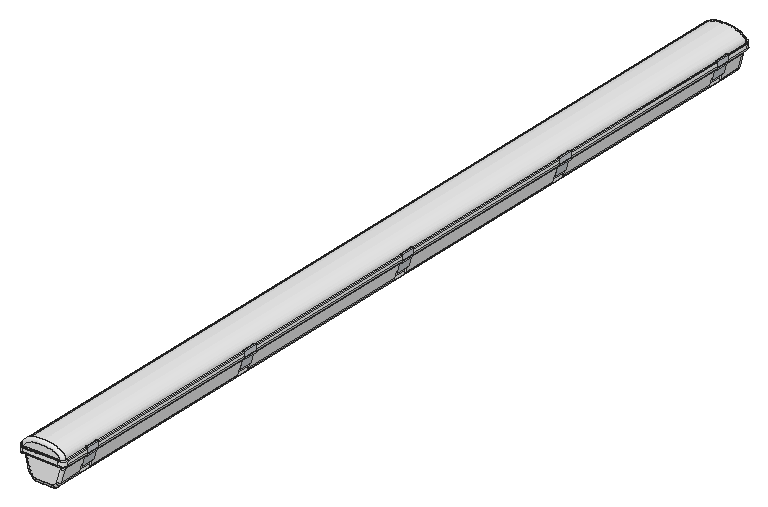
Revit family "0048748 Feilo Sylvania Lighting Fixture SYLPRF SUP LED G3 1500MM S 4K QC", category Lighting Fixtures, host Face, Revit 2017
Family settings
  Host = Face
  Round Connector Dimension = Use Diameter
  Part Type = Normal
  OmniClass Number = 23.80.70.11.14
  OmniClass Title = General Luminaries, Directional
  Cut with Voids When Loaded = Yes
  Light Source = Yes
  Shared = No
  Room Calculation Point = No
Parameters
  Width = 84 mm
  Weight = "2.09 kg"
  Wattage Comments = "n/a"
  Wattage = 31 W
  WarrantyStartDate [instance] = "n/a"
  WarrantyGuarantorParts = "n/a"
  WarrantyDurationUnit = "n/a"
  WarrantyDurationParts = "n/a"
  WarrantyDescription = "n/a"
  built-in parameter 1150110 = 1 (stored number, unit not read)
  Voltage = 230 V
  URL = "http://www.sylvania-lighting.com"
  TypeName = "SYLPRF SUP LED G3 1500MM S 4K QC"
  Type Image = <None>
  Type Comments = "n/a"
  built-in parameter 1114217 = 1 (stored number, unit not read)
  Tilt Angle = -90.00°
  built-in parameter 1150109 = 1 (stored number, unit not read)
  built-in parameter 1150134 = 12
  built-in parameter 1150113 = 1 (stored number, unit not read)
  SerialNumber [instance] = "n/a"
  ReflectorMaterial = none
  PowerFactor = 0
  PowerConsumption = "31 W"
  Photometric Web File = "0048748-C.ies"
  NominalWidth = 0 mm
  NominalLength = 1578 mm
  NominalHeight = 75 mm
  Name = "SYLPRF SUP LED G3 1500MM S 4K QC"
  ModelReference = "SYLPRF SUP LED G3 1500MM S 4K QC"
  ModelNumber = "0048748"
  Model = "SYLPRF SUP LED G3 1500MM S 4K QC"
  Material = "polycarbonate housing, polycarbonate diffuser"
  ManufacturerName = "Feilo Sylvania"
  Manufacturer = "Feilo Sylvania"
  LuminousEfficacy = "155 lm/W"
  built-in parameter 1150105 = 382.37 (stored number, unit not read)
  Lumens = 4805 lm
  LuminaireType = "Weatherproof"
  built-in parameter 1150115 = 1 (stored number, unit not read)
  LightOutputRatio = "n/a"
  built-in parameter 1150137 = (empty or 0)
  built-in parameter 1150139 = (empty or 0)
  Length = 1572 mm
  LampsType = Lamp  # "LED"
  LampNominalLuminous = "4800 lm"
  LampMacAdamStep = "3"
  LampColourTemperature = "4000 K"
  LampColourRenderingIndex = "80"
  built-in parameter 1150112 = 1 (stored number, unit not read)
  built-in parameter 1150114 = 1 (stored number, unit not read)
  Lamp = "LED"
  Keynote = "16500"
  InstallationDate [instance] = "n/a"
  InputVoltage = "220-240V~"
  InputNominalFrequency = "50/60 Hz"
  built-in parameter 1150132 = (empty or 0)
  built-in parameter 1150102 = (empty or 0)
  built-in parameter 1150107 = 4000 (stored number, unit not read)
  built-in parameter 1150138 = (empty or 0)
  IngressProtection = "IP65"
  ImpactProtectionIndex = "IK08"
  built-in parameter 1150106 = 3.8237 (stored number, unit not read)
  IfcExportType = "IfcLightFixtureType"
  IfcExportAs = "IfcLightFixtureType"
  ExpectedLife = 50000
  Emit from Rectangle Width = Width - 20 mm  # 64 mm
  Emit from Rectangle Length = Length - 20 mm  # 1552 mm
  Emit Shape Visible in Rendering = no
  ElectricShockClassification = "Class I"
  built-in parameter 1150104 = 14.4 (stored number, unit not read)
  DurationUnit = "hours"
  DocumentationLiterature = "http://www.sylvania-lighting.com/product/en-int/products/0048748"
  DimmingControlOptions = "Non dimmable"
  Dimming Lamp Color Temperature Shift = <None>
  DiffuserMaterial = Diffuser-Sylvania-Transparent
  Description = ""
  Default Elevation = 1219.2 mm
  CreatedOn = "11/9/2017"
  CreatedBy = ""
  Cost = 0
  Color Filter = 16777215
  built-in parameter 1114216 [instance] = (empty or 0)
  ClassificationValue = "EF_70_80"
  ClassificationName = "Uniclass2015"
  BodyMaterial = Body-Sylvania-Gray
  BarCode [instance] = "n/a"
  built-in parameter 1114218 = 1 (stored number, unit not read)
  built-in parameter 1150133 = 10 (stored number, unit not read)
  AssetType = "Fixed"
  AssetIdentifier [instance] = "n/a"
  Assembly Code = "D5020200"
  Apparent Load = 31 VA
  AccessoryMaterial = Diffuser-Sylvania-Glow
Reference planes
  plane 1 "Center (Front/Back)": y = 0
  plane 2: z = 0
  plane 3 "Center (Left/Right)": x = 0
  plane 4: z = 54
  plane 5: x = -14.7
  plane 6: x = -21.8
  plane 7: x = -26.6
  plane 8: x = -29.2
  plane 9: z = 3
  plane 10: z = 7.8
  plane 11: z = 12.3
  plane 12: z = 36.6
  plane 13: z = 42.8
  plane 14: x = -38.1
  plane 15: z = 46.2
  plane 16: x = -42
  plane 17: y = 786
  plane 18: y = -786
  plane 19: x = 14.7
  plane 20: x = 21.8
  plane 21: x = 26.6
  plane 22: x = 29.2
  plane 23: x = 38.1
  plane 24: x = 42
  plane 25: y = 778.4
  plane 26: y = -778.4
  plane 27: y = -774.7
  plane 28: y = 774.7
  plane 29: z = 74
  plane 30: x = -38.5
  plane 31: x = 38.5
  plane 32: z = 55.2
  plane 33: y = -782.5
  plane 34: y = 782.5
  plane 35: x = -24.5
  plane 36: x = 24.5
  plane 37: x = -35.7
  plane 38: x = 35.7
  plane 39: z = 50.2
  plane 40: z = 24.6
  plane 41: y = -720
  plane 42: y = -734
  plane 43: y = -706
  plane 44: y = 720
  plane 45: y = -720
  plane 46: y = -734
  plane 47: y = -706
  plane 48: y = 720
  plane 49: y = 706
  plane 50: y = 734
  plane 51: y = -360
  plane 52: y = -374
  plane 53: y = -346
  plane 54: y = 0
  plane 55: y = -14
  plane 56: y = 14
  plane 57: y = 360
  plane 58: y = 346
  plane 59: y = 374
Forms (mm)
  Sweep 1, solid, material "Body-Sylvania-Gray" <- "BodyMaterial", detail levels medium+fine
    path origin (1223.4, -4572, 54) x (0, -1, 0) y (1, 0, 0)
      loop
        arc (-3796, -1265.4) -> (-3788.929, -1262.471) -> (-3786, -1255.4) r 10
        line (-3786, -1255.4) -> (-3786, -1191.4)
        arc (-3786, -1191.4) -> (-3788.929, -1184.329) -> (-3796, -1181.4) r 10
        line (-3796, -1181.4) -> (-5348, -1181.4)
        arc (-5348, -1181.4) -> (-5355.071, -1184.329) -> (-5358, -1191.4) r 10
        line (-5358, -1191.4) -> (-5358, -1255.4)
        arc (-5358, -1255.4) -> (-5355.071, -1262.471) -> (-5348, -1265.4) r 10
        line (-5348, -1265.4) -> (-3796, -1265.4)
    profile origin (-42, 0, 54) x (-1, 0, 0) y (0, 0, 1)
      loop
        line (0, 0) -> (-1, 0) -> (-1, -7.726)
        arc (-1, -7.726) -> (-1.994, -9.498) -> (-3.9, -10.2) r 2.937
        line (-3.9, -10.2) -> (-8.571, -10.2) -> (-8.571, -11.2) -> (-3.9, -11.2)
        arc (-3.9, -11.2) -> (-1.313, -10.231) -> (0, -7.8) r 3.937
        line (0, -7.8) -> (0, 0)
  Sweep 2, solid, material "Body-Sylvania-Gray" <- "BodyMaterial", detail levels medium+fine
    path origin (0, 0, 0) x (1, 0, 0) y (0, 0, 1)
      loop
        line (35.7, 42.8) -> (35.7, 36.6) -> (29.203, 12.31)
        arc (29.203, 12.31) -> (28.199, 9.884) -> (26.6, 7.8) r 10.052
        line (26.6, 7.8) -> (21.8, 3)
        arc (21.8, 3) -> (18.554, 0.781) -> (14.7, 0) r 9.902
        line (14.7, 0) -> (0, 0) -> (-14.7, 0)
        arc (-14.7, 0) -> (-18.554, 0.781) -> (-21.8, 3) r 9.902
        line (-21.8, 3) -> (-26.6, 7.8)
        arc (-26.6, 7.8) -> (-28.199, 9.884) -> (-29.203, 12.31) r 10.052
        line (-29.203, 12.31) -> (-35.7, 36.6) -> (-35.7, 42.8)
    profile origin (0, 0, 0) x (0, 0, -1) y (0, -1, 0)
      loop
        arc (0, 773.4) -> (-1.464, 776.936) -> (-5, 778.4) r 5
        line (-5, 778.4) -> (-7.8, 778.4) -> (-7.8, -778.4) -> (-5, -778.4)
        arc (-5, -778.4) -> (-1.464, -776.936) -> (0, -773.4) r 5
        line (0, -773.4) -> (0, 773.4)
  Extrusion 3, solid, material "Body-Sylvania-Gray" <- "BodyMaterial", detail levels medium+fine
    sketch origin (1524, 778.4, 1219.2) x (1, 0, 0) y (0, 0, 1)
      loop
        arc (-1545.668, -1204.874) -> (-1545.443, -1205.418) -> (-1545.085, -1205.885) r 2.252
        line (-1545.085, -1205.885) -> (-1540.231, -1210.738)
        arc (-1540.231, -1210.738) -> (-1539.534, -1211.227) -> (-1538.7, -1211.4) r 2.102
        line (-1538.7, -1211.4) -> (-1509.3, -1211.4)
        arc (-1509.3, -1211.4) -> (-1508.466, -1211.227) -> (-1507.769, -1210.738) r 2.102
        line (-1507.769, -1210.738) -> (-1502.915, -1205.885)
        arc (-1502.915, -1205.885) -> (-1502.557, -1205.418) -> (-1502.332, -1204.874) r 2.252
        line (-1502.332, -1204.874) -> (-1496.1, -1181.575) -> (-1496.1, -1176.4) -> (-1551.9, -1176.4) -> (-1551.9, -1181.575) -> (-1545.668, -1204.874)
    from 0 to 1556.8
  Sweep 4, solid, material "Diffuser-Sylvania-Transparent" <- "DiffuserMaterial", detail levels medium+fine
    path origin (0, 0, 0) x (1, 0, 0) y (0, 0, 1)
      loop
        spline (-38.5, 55.2) -> (-37.188, 60.066) -> (-33.342, 64.6) -> (-27.224, 68.494) -> (-19.25, 71.481) -> (-9.965, 73.359) -> (0, 74) -> (9.965, 73.359) -> (19.25, 71.481) -> (27.224, 68.494) -> (33.342, 64.6) -> (37.188, 60.066) -> (38.5, 55.2)
    profile origin (38.5, 0, 55.2) x (0, -1, 0) y (1, 0, 0)
      loop
        arc (782.5, -5.5) -> (780.889, -1.611) -> (777, 0) r 5.5
        line (777, 0) -> (-777, 0)
        arc (-777, 0) -> (-780.889, -1.611) -> (-782.5, -5.5) r 5.5
        line (-782.5, -5.5) -> (-782.5, -6.3) -> (-781.5, -6.3) -> (-781.5, -5.5)
        arc (-781.5, -5.5) -> (-780.182, -2.318) -> (-777, -1) r 4.5
        line (-777, -1) -> (777, -1)
        arc (777, -1) -> (780.182, -2.318) -> (781.5, -5.5) r 4.5
        line (781.5, -5.5) -> (781.5, -6.347) -> (782.5, -6.347) -> (782.5, -5.5)
  Extrusion 5, solid, material "Diffuser-Sylvania-Transparent" <- "DiffuserMaterial", detail levels medium+fine
    sketch origin (1524, -782.5, 1219.2) x (1, 0, 0) y (0, 0, 1)
      loop
        line (-1556.653, -1164) -> (-1491.347, -1164)
        spline (-1491.347, -1164) -> (-1491.939, -1161.945) -> (-1494.434, -1159.066) -> (-1499.342, -1155.96) -> (-1506.338, -1153.35) -> (-1514.799, -1151.648) -> (-1524, -1151.047) -> (-1533.201, -1151.648) -> (-1541.662, -1153.35) -> (-1548.658, -1155.96) -> (-1553.566, -1159.066) -> (-1556.061, -1161.945) -> (-1556.653, -1164)
    from 0 to -1
  Extrusion 6, solid, material "Diffuser-Sylvania-Transparent" <- "DiffuserMaterial", detail levels medium+fine
    sketch origin (1524, 782.5, 1219.2) x (1, 0, 0) y (0, 0, 1)
      loop
        spline (-1491.3, -1164) -> (-1491.898, -1161.922) -> (-1494.404, -1159.03) -> (-1499.322, -1155.918) -> (-1506.325, -1153.305) -> (-1514.793, -1151.602) -> (-1524, -1151) -> (-1533.207, -1151.602) -> (-1541.675, -1153.305) -> (-1548.678, -1155.918) -> (-1553.596, -1159.03) -> (-1556.102, -1161.922) -> (-1556.7, -1164)
        line (-1556.7, -1164) -> (-1491.3, -1164)
    from 0 to 1
  Extrusion 7, solid, material "Diffuser-Sylvania-Glow" <- "AccessoryMaterial", detail levels fine
    sketch origin (0, 0, 0) x (1, 0, 0) y (0, 0, 1)
      loop
        circle (0, 50.2) r 8
    from -774.7 to 774.7
  Extrusion 8, void
    sketch origin (0, -720, 2343.807) x (0, 0, -1) y (-1, 0, 0)
      loop
        line (2340.807, -24.5) -> (2331.507, -24.5) -> (2319.207, -29.2) -> (2319.207, -35.7) -> (2340.807, -35.7) -> (2340.807, -24.5)
      loop
        line (2340.807, 24.5) -> (2340.807, 35.7) -> (2319.207, 35.7) -> (2319.207, 29.2) -> (2331.507, 24.5) -> (2340.807, 24.5)
    from 14 to -14
  Extrusion 9, void, not visible
    sketch origin (0, -720, 2343.807) x (0, 0, -1) y (-1, 0, 0)
      loop
        line (2340.807, -24.5) -> (2331.507, -24.5) -> (2319.207, -29.2) -> (2319.207, -35.7) -> (2340.807, -35.7) -> (2340.807, -24.5)
      loop
        line (2340.807, 24.5) -> (2340.807, 35.7) -> (2319.207, 35.7) -> (2319.207, 29.2) -> (2331.507, 24.5) -> (2340.807, 24.5)
    from 14 to -14
  Extrusion 10, void
    sketch origin (0, 720, 2343.807) x (0, 0, -1) y (-1, 0, 0)
      loop
        line (2340.807, -24.5) -> (2331.507, -24.5) -> (2319.207, -29.2) -> (2319.207, -35.7) -> (2340.807, -35.7) -> (2340.807, -24.5)
      loop
        line (2340.807, 24.5) -> (2340.807, 35.7) -> (2319.207, 35.7) -> (2319.207, 29.2) -> (2331.507, 24.5) -> (2340.807, 24.5)
    from 14 to -14
  Extrusion 11, void
    sketch origin (0, -360, 2343.807) x (0, 0, -1) y (-1, 0, 0)
      loop
        line (2340.807, -24.5) -> (2331.507, -24.5) -> (2319.207, -29.2) -> (2319.207, -35.7) -> (2340.807, -35.7) -> (2340.807, -24.5)
      loop
        line (2340.807, 24.5) -> (2340.807, 35.7) -> (2319.207, 35.7) -> (2319.207, 29.2) -> (2331.507, 24.5) -> (2340.807, 24.5)
    from 14 to -14
  Extrusion 12, void
    sketch origin (0, 0, 2343.807) x (0, 0, -1) y (-1, 0, 0)
      loop
        line (2340.807, -24.5) -> (2331.507, -24.5) -> (2319.207, -29.2) -> (2319.207, -35.7) -> (2340.807, -35.7) -> (2340.807, -24.5)
      loop
        line (2340.807, 24.5) -> (2340.807, 35.7) -> (2319.207, 35.7) -> (2319.207, 29.2) -> (2331.507, 24.5) -> (2340.807, 24.5)
    from 14 to -14
  Extrusion 13, void
    sketch origin (0, 360, 2343.807) x (0, 0, -1) y (-1, 0, 0)
      loop
        line (2340.807, -24.5) -> (2331.507, -24.5) -> (2319.207, -29.2) -> (2319.207, -35.7) -> (2340.807, -35.7) -> (2340.807, -24.5)
      loop
        line (2340.807, 24.5) -> (2340.807, 35.7) -> (2319.207, 35.7) -> (2319.207, 29.2) -> (2331.507, 24.5) -> (2340.807, 24.5)
    from 14 to -14
  Extrusion 14, solid, material "Diffuser-Sylvania-Transparent" <- "DiffuserMaterial", detail levels medium+fine
    sketch origin (1223.4, -4572, 54) x (0, -1, 0) y (-1, 0, 0)
      loop
        arc (-5348, 1265.4) -> (-5355.071, 1262.471) -> (-5358, 1255.4) r 10
        line (-5358, 1255.4) -> (-5358, 1191.4)
        arc (-5358, 1191.4) -> (-5355.071, 1184.329) -> (-5348, 1181.4) r 10
        line (-5348, 1181.4) -> (-3796, 1181.4)
        arc (-3796, 1181.4) -> (-3788.929, 1184.329) -> (-3786, 1191.4) r 10
        line (-3786, 1191.4) -> (-3786, 1255.4)
        arc (-3786, 1255.4) -> (-3788.929, 1262.471) -> (-3796, 1265.4) r 10
        line (-3796, 1265.4) -> (-5348, 1265.4)
      loop
        arc (-5354.5, 1190.394) -> (-5352.887, 1186.509) -> (-5349, 1184.9) r 5.5
        line (-5349, 1184.9) -> (-3795, 1184.9)
        arc (-3795, 1184.9) -> (-3791.113, 1186.509) -> (-3789.5, 1190.394) r 5.5
        line (-3789.5, 1190.394) -> (-3789.5, 1256.406)
        arc (-3789.5, 1256.406) -> (-3791.113, 1260.291) -> (-3795, 1261.9) r 5.5
        line (-3795, 1261.9) -> (-5349, 1261.9)
        arc (-5349, 1261.9) -> (-5352.887, 1260.291) -> (-5354.5, 1256.406) r 5.5
        line (-5354.5, 1256.406) -> (-5354.5, 1190.394)
    from 0 to -1.2
  Extrusion 15, solid, material "Body-Sylvania-Gray" <- "BodyMaterial", detail levels coarse
    sketch origin (0, 0, 0) x (1, 0, 0) y (0, 0, 1)
      loop
        line (-42, 55.2) -> (-42, 42.8) -> (-26.6, 0) -> (26.6, 0) -> (42, 42.8) -> (42, 55.2) -> (-42, 55.2)
    from -786 to 786
  Extrusion 16, solid, material "Diffuser-Sylvania-Transparent" <- "DiffuserMaterial", detail levels coarse
    sketch origin (0, 0, 0) x (1, 0, 0) y (0, 0, 1)
      loop
        line (-38.5, 55.2) -> (38.5, 55.2)
        arc (38.5, 55.2) -> (0, 74) -> (-38.5, 55.2) r 48.822
    from -778.4 to 778.4
Cuts and joins
  Extrusion 8, Extrusion 10, Extrusion 11, Extrusion 12, Extrusion 13 cuts Sweep 2
  Extrusion 8, Extrusion 10, Extrusion 11, Extrusion 12, Extrusion 13 cuts Extrusion 3
  joined: Sweep 2, Extrusion 3
  joined: Sweep 4, Extrusion 5, Extrusion 6, Extrusion 14
Dimensions and locks
  locked: plane 4 to plane 2 at 54
  plane 5 to plane 6 to plane 7 to plane 8 to plane 14 to plane 16 = 7.1 mm locked, 4.8 mm locked, 2.6 mm locked, 8.9 mm locked, 3.9 mm locked
  plane 4 to plane 15 to plane 13 to plane 12 to plane 11 to plane 10 to plane 9 = 7.8 mm locked, 3.4 mm, 6.2 mm locked, 24.3 mm locked, 4.5 mm locked, 4.8 mm locked
  equal spacing: plane 18, plane 1 "Center (Front/Back)", plane 17
  "Length": plane 18 to plane 17
  plane 19 to plane 20 to plane 21 to plane 22 to plane 23 to plane 24 = 7.1 mm locked, 4.8 mm locked, 2.6 mm locked, 8.9 mm, 3.9 mm
  equal spacing: plane 24, plane 3 "Center (Left/Right)", plane 16
  "Width": plane 24 to plane 16
  equal spacing: plane 27, plane 1 "Center (Front/Back)", plane 28
  locked: plane 26 to plane 27 at 3.7
  locked: Sweep 1 sketch curve to profile plane at 1
  locked: Sweep 1 sketch curve to plane 13 at 1
  locked: Sweep 1 sketch curve to plane 13 at 3.937  (x2)
  locked: Sweep 1 sketch curve to profile plane at 3.9  (x2)
  plane 29 to plane 4 = 20 mm
  equal spacing: plane 31, plane 3 "Center (Left/Right)", plane 30
  locked: plane 30 to plane 16 at 3.5
  locked: plane 32 to plane 4 at 1.2
  equal spacing: plane 33, plane 1 "Center (Front/Back)", plane 34
  equal spacing: plane 36, plane 3 "Center (Left/Right)", plane 35
  locked: plane 34 to plane 17 at 3.5
  equal spacing: plane 38, plane 3 "Center (Left/Right)", plane 37
  locked: plane 37 to plane 16 at 6.3
  equal spacing: plane 25, plane 1 "Center (Front/Back)", plane 26
  locked: plane 17 to plane 25 at 7.6
  locked: Sweep 2 sketch curve to plane 2 at 5  (x2)
  locked: Sweep 2 sketch curve to plane 26 at 5
  locked: plane 25 to Sweep 2 sketch curve at 5
  locked: Sweep 4 sketch curve to plane 31 at 5.5  (x2)
  locked: Sweep 4 sketch curve to plane 34 at 5.5
  plane 33 to Sweep 4 sketch curve = 5.5 mm
  locked: plane 34 to Sweep 4 sketch curve at 1
  locked: Sweep 4 sketch curve to plane 31 at 1
  locked: Sweep 4 sketch curve to Sweep 4 sketch curve at 1
  locked: Sweep 4 sketch curve to plane 31 at 6.347
  locked: Sweep 4 sketch curve to plane 31 at 6.3
  locked: plane 40 to plane 2 at 24.6
  locked: plane 6 to plane 35 at 2.7
  locked: plane 1 "Center (Front/Back)" to plane 41 at 720
  plane 43 to plane 41 to plane 42 = 14 mm locked, 14 mm locked
  locked: plane 44 to plane 1 "Center (Front/Back)" at 720
  plane 47 to plane 45 to plane 46 = 14 mm locked, 14 mm locked
  plane 50 to plane 48 to plane 49 = 14 mm locked, 14 mm locked  (x2)
  equal spacing: group 1, group 6, group 7, group 8, group 5  (x3)
  plane 53 to plane 51 to plane 52 = 14 mm locked, 14 mm locked  (x2)
  plane 56 to plane 54 to plane 55 = 14 mm locked, 14 mm locked  (x2)
  plane 59 to plane 57 to plane 58 = 14 mm locked, 14 mm locked  (x2)
  plane 48 to plane 57 to plane 1 "Center (Front/Back)" to plane 51 to plane 41 = 360 mm locked, 360 mm locked, 360 mm locked, 360 mm locked
  aligned and locked: plane 2 to host face
  aligned and locked: level to host face
  aligned and locked: plane 16 to Sweep 1 sketch curve
  aligned and locked: Sweep 1 sketch curve to plane 24
  aligned and locked: plane 18 to Sweep 1 sketch curve
  aligned and locked: Sweep 1 sketch curve to plane 13
  aligned and locked: profile plane to Sweep 1 sketch curve
  aligned and locked: plane 3 "Center (Left/Right)" to Sweep 2 sketch curve
  aligned and locked: plane 9 to Sweep 2 sketch curve
  aligned and locked: plane 10 to Sweep 2 sketch curve
  aligned and locked: plane 37 to Sweep 2 sketch curve
  aligned and locked: plane 12 to Sweep 2 sketch curve
  aligned and locked: Sweep 2 sketch curve to level
  aligned and locked: plane 21 to Sweep 2 sketch curve
  aligned and locked: plane 38 to Sweep 2 sketch curve
  aligned and locked: profile plane to Sweep 2 sketch curve
  aligned and locked: plane 25 to Sweep 2 sketch curve
  aligned and locked: Sweep 2 sketch curve to plane 10
  aligned and locked: Extrusion 3 sketch curve to Sweep 2  (x7)
  aligned and locked: Sweep 2 to Extrusion 3 sketch curve
  aligned and locked: Extrusion 3 to plane 25
  aligned and locked: plane 26 to Extrusion 3
  aligned and locked: plane 32 to Sweep 4 sketch curve
  aligned and locked: plane 33 to Sweep 4 sketch curve
  aligned and locked: Sweep 4 to Extrusion 5
  aligned and locked: plane 33 to Extrusion 5
  aligned and locked: plane 39 to Extrusion 7 sketch curve
  aligned and locked: plane 27 to Extrusion 7
  aligned and locked: Extrusion 7 to plane 28
  aligned and locked: Extrusion 6 sketch curve to Sweep 4
  aligned and locked: Extrusion 5 sketch curve to Sweep 4
  aligned and locked: Extrusion 8 to plane 43
  aligned and locked: plane 42 to Extrusion 8
  aligned and locked: Extrusion 10 to plane 50
  aligned and locked: plane 49 to Extrusion 10
  aligned and locked: Extrusion 11 to plane 53
  aligned and locked: plane 52 to Extrusion 11
  aligned and locked: Extrusion 12 to plane 56
  aligned and locked: plane 55 to Extrusion 12
  aligned and locked: Extrusion 13 to plane 59
  aligned and locked: plane 58 to Extrusion 13
  aligned and locked: plane 3 "Center (Left/Right)" to Extrusion 7 sketch curve
  aligned and locked: Extrusion 14 sketch curve to Sweep 1  (x4)
  aligned and locked: Extrusion 14 to plane 32
  aligned and locked: plane 4 to Extrusion 14
  aligned and locked: plane 48 to nested 1
  aligned and locked: plane 57 to nested 2
  aligned and locked: plane 54 to nested 3
  aligned and locked: nested 4 to plane 51
  aligned and locked: nested 5 to plane 41
  aligned and locked: plane 41 to nested 10
  aligned and locked: plane 51 to nested 9
  aligned and locked: plane 54 to nested 8
  aligned and locked: plane 57 to nested 7
  aligned and locked: plane 48 to nested 6
  aligned and locked: plane 1 "Center (Front/Back)" to imposter light
  aligned and locked: plane 3 "Center (Left/Right)" to imposter light
  aligned and locked: imposter light to plane 29
  aligned and locked: plane 7 to Extrusion 15 sketch curve
  aligned and locked: plane 2 to Extrusion 15 sketch curve
  aligned and locked: Extrusion 15 sketch curve to nested 6
  aligned and locked: Extrusion 15 sketch curve to nested 1
  aligned and locked: plane 18 to Extrusion 15
  aligned and locked: Extrusion 15 to plane 17
  aligned and locked: Extrusion 15 to Sweep 1  (x2)
  aligned and locked: plane 30 to Extrusion 16 sketch curve
  aligned and locked: plane 31 to Extrusion 16 sketch curve
  aligned and locked: Extrusion 16 sketch curve to cut or joined group of Sweep 4, Extrusion 5, Extrusion 6, Extrusion 14
  aligned and locked: Extrusion 16 to plane 25
  aligned and locked: plane 26 to Extrusion 16
Automatic sketch dimensions
  host sketch curve to host sketch curve = 2438.4 mm  (x2)
  plane 17 to Sweep 1 sketch curve = 0 mm
  Sweep 1 sketch curve to plane 28 = 1.3 mm
  Sweep 1 sketch curve to plane 7 = 5.4 mm
  plane 27 to Sweep 1 sketch curve = 1.3 mm  (x2)
  Sweep 1 sketch curve to Sweep 1 sketch curve = 4.671 mm
  Sweep 1 sketch curve to plane 4 = 0 mm
  Sweep 2 sketch curve to plane 7 = 0 mm
  Sweep 2 sketch curve to plane 6 = 0 mm
  Sweep 2 sketch curve to plane 5 = 0 mm
  plane 19 to Sweep 2 sketch curve = 0 mm
  Sweep 2 sketch curve to plane 9 = 0 mm
  plane 20 to Sweep 2 sketch curve = 0 mm
  Sweep 2 sketch curve to plane 12 = 0 mm
  Sweep 2 sketch curve to plane 10 = 0 mm
  Sweep 2 sketch curve to plane 13 = 0 mm  (x2)
  Sweep 2 sketch curve to plane 8 = 0.003 mm
  plane 6 to Sweep 2 sketch curve = 2.308 mm
  plane 20 to Sweep 2 sketch curve = 2.308 mm
  Sweep 2 sketch curve to plane 22 = 0.003 mm
  Sweep 2 sketch curve to plane 11 = 0.01 mm  (x2)
  Extrusion 3 sketch curve to plane 5 = 0 mm
  plane 19 to Extrusion 3 sketch curve = 0 mm
  plane 6 to Extrusion 3 sketch curve = 0.132 mm
  plane 6 to Extrusion 3 sketch curve = 0.715 mm
  Extrusion 3 sketch curve to Extrusion 3 sketch curve = 1.592 mm
  Extrusion 3 sketch curve to plane 10 = 0.662 mm  (x2)
  plane 20 to Extrusion 3 sketch curve = 2.308 mm
  plane 20 to Extrusion 3 sketch curve = 0.715 mm
  plane 20 to Extrusion 3 sketch curve = 0.132 mm
  Sweep 4 sketch curve to plane 30 = 0 mm
  Sweep 4 sketch curve to plane 3 "Center (Left/Right)" = 0 mm
  Sweep 4 sketch curve to Sweep 4 sketch curve = 0 mm  (x2)
  plane 37 to Extrusion 6 sketch curve = 3 mm
  Extrusion 6 sketch curve to plane 38 = 3 mm
  plane 37 to Extrusion 5 sketch curve = 3.047 mm
  Extrusion 5 sketch curve to plane 38 = 3.047 mm
  Extrusion 8 sketch curve to Extrusion 8 sketch curve = 0 mm
  Extrusion 8 sketch curve to Extrusion 8 sketch curve = 12.3 mm  (x2)
  Extrusion 8 sketch curve to Extrusion 8 sketch curve = 9.3 mm  (x2)
  Extrusion 8 sketch curve to Extrusion 8 sketch curve = 6.5 mm  (x2)
  Extrusion 8 sketch curve to Extrusion 8 sketch curve = 4.7 mm  (x2)
  Extrusion 8 sketch curve to Extrusion 8 sketch curve = 49 mm
  Extrusion 9 sketch curve to Extrusion 9 sketch curve = 0 mm
  Extrusion 9 sketch curve to Extrusion 9 sketch curve = 12.3 mm  (x2)
  Extrusion 9 sketch curve to Extrusion 9 sketch curve = 9.3 mm  (x2)
  Extrusion 9 sketch curve to Extrusion 9 sketch curve = 6.5 mm  (x2)
  Extrusion 9 sketch curve to Extrusion 9 sketch curve = 4.7 mm  (x2)
  Extrusion 9 sketch curve to Extrusion 9 sketch curve = 49 mm
  Extrusion 10 sketch curve to Extrusion 10 sketch curve = 0 mm
  Extrusion 10 sketch curve to Extrusion 10 sketch curve = 12.3 mm  (x2)
  Extrusion 10 sketch curve to Extrusion 10 sketch curve = 9.3 mm  (x2)
  Extrusion 10 sketch curve to Extrusion 10 sketch curve = 6.5 mm  (x2)
  Extrusion 10 sketch curve to Extrusion 10 sketch curve = 4.7 mm  (x2)
  Extrusion 10 sketch curve to Extrusion 10 sketch curve = 49 mm
  Extrusion 11 sketch curve to Extrusion 11 sketch curve = 0 mm
  Extrusion 11 sketch curve to Extrusion 11 sketch curve = 12.3 mm  (x2)
  Extrusion 11 sketch curve to Extrusion 11 sketch curve = 9.3 mm  (x2)
  Extrusion 11 sketch curve to Extrusion 11 sketch curve = 6.5 mm  (x2)
  Extrusion 11 sketch curve to Extrusion 11 sketch curve = 4.7 mm  (x2)
  Extrusion 11 sketch curve to Extrusion 11 sketch curve = 49 mm
  Extrusion 12 sketch curve to Extrusion 12 sketch curve = 0 mm
  Extrusion 12 sketch curve to Extrusion 12 sketch curve = 12.3 mm  (x2)
  Extrusion 12 sketch curve to Extrusion 12 sketch curve = 9.3 mm  (x2)
  Extrusion 12 sketch curve to Extrusion 12 sketch curve = 6.5 mm  (x2)
  Extrusion 12 sketch curve to Extrusion 12 sketch curve = 4.7 mm  (x2)
  Extrusion 12 sketch curve to Extrusion 12 sketch curve = 49 mm
  Extrusion 13 sketch curve to Extrusion 13 sketch curve = 0 mm
  Extrusion 13 sketch curve to Extrusion 13 sketch curve = 12.3 mm  (x2)
  Extrusion 13 sketch curve to Extrusion 13 sketch curve = 9.3 mm  (x2)
  Extrusion 13 sketch curve to Extrusion 13 sketch curve = 6.5 mm  (x2)
  Extrusion 13 sketch curve to Extrusion 13 sketch curve = 4.7 mm  (x2)
  Extrusion 13 sketch curve to Extrusion 13 sketch curve = 49 mm
  Extrusion 14 sketch curve to plane 34 = 0 mm
  plane 30 to Extrusion 14 sketch curve = 0 mm
  Extrusion 14 sketch curve to plane 31 = 0 mm
  plane 33 to Extrusion 14 sketch curve = 0 mm
  plane 25 to Extrusion 14 sketch curve = 1.4 mm  (x4)
  Extrusion 14 sketch curve to plane 26 = 1.4 mm  (x4)
  plane 37 to Extrusion 14 sketch curve = 2.694 mm  (x2)
  Extrusion 14 sketch curve to plane 38 = 2.694 mm  (x2)
  plane 21 to Extrusion 15 sketch curve = 0 mm
  Extrusion 15 sketch curve to plane 13 = 0 mm  (x2)
  Extrusion 15 sketch curve to plane 32 = 0 mm
  Extrusion 16 sketch curve to plane 40 = 0.578 mm
  radius of Extrusion 7 sketch curve = 8 mm
Nested families
  nested 1: "Clip" at (-29.2, 720, 24.6) x (-1, 0, 0) z (0, 0, 1), type "Clip", detail levels fine
  nested 2: "Clip" at (-29.2, 360, 24.6) x (-1, 0, 0) z (0, 0, 1), type "Clip", detail levels fine
  nested 3: "Clip" at (-29.2, 0, 24.6) x (-1, 0, 0) z (0, 0, 1), type "Clip", detail levels fine
  nested 4: "Clip" at (-29.2, -360, 24.6) x (-1, 0, 0) z (0, 0, 1), type "Clip", detail levels fine
  nested 5: "Clip" at (-29.2, -720, 24.6) x (-1, 0, 0) z (0, 0, 1), type "Clip", detail levels fine
  nested 6: "Clip" at (29.2, 720, 24.6), type "Clip", detail levels fine
  nested 7: "Clip" at (29.2, 360, 24.6), type "Clip", detail levels fine
  nested 8: "Clip" at (29.2, 0, 24.6), type "Clip", detail levels fine
  nested 9: "Clip" at (29.2, -360, 24.6), type "Clip", detail levels fine
  nested 10: "Clip" at (29.2, -720, 24.6), type "Clip", detail levels fine
Connectors
  electrical at (0, 0, 0), driven by "Apparent Load"
    settings: index 1, voltage 230 V, apparent load 31 VA, apparent load phase1 0 VA, apparent load phase2 0 VA, apparent load phase3 0 VA, power factor 0, load classification "Lighting", number of poles 1, system type 30, power factor state 1, is connector primary yes, connector utility no, sub classification motor no, connector description ""
Definition of nested family "Clip"
  Parameters (values of type "Clip")
    URL = "http://www.feilosylvania.com"
    Type Comments = "n/a"
    Model = "n/a"
    Manufacturer = "Feilo Sylvania"
    Keynote = "n/a"
    Description = "n/a"
    Default Elevation = 1219.2 mm
    Cost = 0
    BodyMaterial = none
    Assembly Code = "n/a"
  Reference planes
    plane 1 "Center (Front/Back)": y = 0
    plane 2: z = 0
    plane 3 "Center (Left/Right)": x = 0
    plane 4: x = 3.3
    plane 5: x = 6.5
    plane 6: x = 8.9
    plane 7: x = 12.8
    plane 8: z = 12
    plane 9: z = 18.2
    plane 10: z = 21.6
    plane 11: z = 30.6
    plane 12: x = 9.3
    plane 13: z = 19.2
    plane 14: z = 16.2
    plane 15: x = 10.1
    plane 16: y = 12
    plane 17: y = -12
  Forms (mm)
    Extrusion 1, solid
      sketch origin (-0.8, 0, 0) x (1, 0, 0) y (0, 1, 0)
        loop
          line (-1219.2, 1219.2) -> (-1219.2, -1219.2) -> (1219.2, -1219.2) -> (1219.2, 1219.2) -> (-1219.2, 1219.2)
      from 0 to -304.8
    Extrusion 2, solid
      sketch origin (0, 0, 0) x (1, 0, 0) y (0, 0, 1)
        loop
          line (8.9, 16.2) -> (4.58, 0) -> (0, 0) -> (0, -0.8) -> (5.195, -0.8) -> (9.603, 15.731) -> (13.6, 18.806) -> (13.6, 30.6)
          arc (13.6, 30.6) -> (11.45, 32.75) -> (9.3, 30.6) r 2.15
          line (9.3, 30.6) -> (10.1, 30.6)
          arc (10.1, 30.6) -> (11.45, 31.95) -> (12.8, 30.6) r 1.35
          line (12.8, 30.6) -> (12.8, 19.2) -> (8.9, 16.2)
      from -12 to 12
  Lines and regions (mm)
    reference lines
      curve 1: line (3.3, 0, 0) -> (6.5, 0, 12)
      curve 2: arc (8.9, 0, 18.2) -> (11.488, 0, 19.169) -> (12.8, 0, 21.6) r 3.934
  Dimensions and locks
    plane 7 to plane 6 to plane 5 to plane 4 to plane 3 "Center (Left/Right)" = 3.9 mm locked, 2.4 mm locked, 3.2 mm locked, 3.3 mm locked
    plane 11 to plane 10 to plane 9 to plane 8 to plane 2 = 9 mm locked, 3.4 mm locked, 6.2 mm locked, 12 mm locked
    locked: plane 7 to plane 12 at 3.5
    locked: plane 13 to plane 9 at 1
    locked: plane 9 to plane 14 at 2
    locked: plane 15 to plane 12 at 0.8
    locked: plane 2 to Extrusion 2 sketch curve at 0.8
    locked: Extrusion 2 sketch curve to Extrusion 2 sketch curve at 0.8  (x3)
    locked: plane 7 to Extrusion 2 sketch curve at 1.35
    equal spacing: plane 17, plane 1 "Center (Front/Back)", plane 16
    locked: plane 1 "Center (Front/Back)" to plane 16 at 12
    aligned and locked: plane 2 to Extrusion 1
    aligned and locked: level to Extrusion 1
    aligned and locked: plane 4 to curve 1
    aligned and locked: plane 5 to curve 1
    aligned and locked: plane 6 to curve 2
    aligned and locked: plane 10 to curve 2
    aligned and locked: plane 14 to Extrusion 2 sketch curve
    aligned and locked: plane 13 to Extrusion 2 sketch curve
    aligned and locked: plane 7 to Extrusion 2 sketch curve
    aligned and locked: plane 3 "Center (Left/Right)" to Extrusion 2 sketch curve
    aligned and locked: Extrusion 2 sketch curve to level
    aligned and locked: Extrusion 2 sketch curve to plane 11
    aligned and locked: plane 11 to Extrusion 2 sketch curve
    aligned and locked: Extrusion 2 to plane 16
    aligned and locked: plane 17 to Extrusion 2
  Automatic sketch dimensions
    Extrusion 1 sketch curve to Extrusion 1 sketch curve = 2438.4 mm  (x2)
    curve 2 to plane 7 = 0 mm
    curve 1 to level = 0 mm
    curve 1 to plane 8 = 0 mm
    curve 2 to plane 9 = 0 mm
    plane 6 to curve 2 = 0.002 mm
    Extrusion 2 sketch curve to Extrusion 2 sketch curve = 0 mm
    Extrusion 2 sketch curve to plane 6 = 0 mm
    plane 4 to Extrusion 2 sketch curve = 1.28 mm
